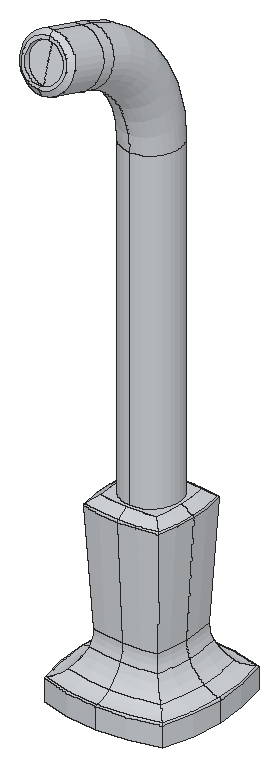
Revit family "Shower-Showerarm-KOHLER-Margaux-K-16280_1", category Plumbing Fixtures, host Face, Revit 2015
Parameters (values of type "CP-Polished Chrome")
  Width = 2 1/8"  # constant formula
  Waste Water Outlet = "Waste Water Outlet"  # constant formula
  Waste Connection = 1 = 0  # no
  Vent Connection = 1 = 0  # no
  URL = "https://www.us.kohler.com/us/"
  Type = 1
  Product Page URL = "http://www.us.kohler.com/us/catalog/productDetails.jsp?productNumber=16280"
  Product Name = "Margaux"  # constant formula
  Product Documentation Link = "http://www.us.kohler.com/onlinecatalog/pdf/K-16280_spec.pdf"
  Panel Thickness = 0"
  Model = if(Type = 1, "K-16280-CP", if(Type = 2, "K-16280-SN", if(Type = 3, "K-16280-AF", if(Type = 4, "K-16280-BN", if(Type = 5, "K-16280-BV", "NA")))))  # "K-16280-CP"
  Material = "Solid Brass Construction"  # constant formula
  MasterFormat 2004 = "22.41.23"  # constant formula
  MasterFormat 1995 = "15410"  # constant formula
  Manufacturer Address = "444 Highland Dr, Kohler, WI 53044"  # constant formula
  Manufacturer = "KOHLER Co."  # constant formula
  Length = 9 5/8"  # constant formula
  Tempered Water Inlet = "Tempered Water Inlet"  # constant formula
  Height = 3 1/8"  # constant formula
  HW Connection = 1 = 1  # yes
  Finish = Kohler-Metal-CP-Polished_Chrome
  Environmental Product Declaration = ""
  Drain Included = 1 = 0  # no
  Description = "Shower arm and flange"  # constant formula
  Default Elevation = 72"
  Declare Label = ""
  Date Modified = "12/03/2018"  # constant formula
  Date Created = "12/03/2018"  # constant formula
  Copyright = "Copyright KOHLER Co."  # constant formula
  Contact Us = "https://www.us.kohler.com/us/static/contact.jsp"
  Cold Water Inlet = "Cold Water Inlet"  # constant formula
  CW Connection = 1 = 0  # no
  Assembly Code = "D2010700"
  ADA Compliant = 1 = 0  # no
Types (6): name | Type | Model | Finish
  (no name) | 1 | "K-16280-CP" | Kohler-Metal-CP-Polished_Chrome
  CP-Polished Chrome | 1 | "K-16280-CP" | Kohler-Metal-CP-Polished_Chrome
  SN-Vibrant Polished Nickel | 2 | "K-16280-SN" | Kohler-Metal-SN-Vibrant_Polished_Nickel
  AF-Vibrant French Gold | 3 | "K-16280-AF" | Kohler-Metal-AF-Vibrant_French_Gold
  BN-Vibrant Brushed Nickel | 4 | "K-16280-BN" | Kohler-Metal-BN-Vibrant_Brushed_Nickel
  BV-Vibrant Brushed Bronze | 5 | "K-16280-BV" | Kohler-Metal-BV-Brushed_Bronze
Reference planes (in)
  plane 1 "Center (Front/Back)": y = 0
  plane 2: z = 0
  plane 3 "Center (Left/Right)": x = 0
  plane 4: x = -1.0625
  plane 5: x = 1.0625
  plane 6: z = 9.625
  plane 7: y = 1.0625
  plane 8: y = 1.0625
  plane 9: y = -2.0625
Dimensions and locks (in)
  "Width": plane 4 to plane 5
  "Length": plane 6 to level
  "Height": plane 8 to plane 9
  aligned and locked: host face to plane 2
  aligned and locked: host face to level
Automatic sketch dimensions
  host sketch curve to host sketch curve = 96"  (x2)
Nested families (in)
  nested 1: "K-16280" at (0, 0, 0), type "K-16280"
Connectors (in)
  piping at (0, 0, 0), diameter 0.5, driven by "HW Connection", driven by "Tempered Water Inlet"
    settings: on nested 1, index 1, connector inside diameter 24", connector length 0", flow factor 0, pipe flow 0 GPM, pressure drop 0.00 psi, fitting loss kfactor 0, connector angle 0.00°, fixture units 0, engagement length 0", angle of deflection 0.00°, flow configuration 0, flow direction 1, fitting loss method 0, system type 19, joint type 0, gender type 0, connector reference index -1, connector utility 1, adjustable connector no, is connector primary yes, connector description "Tempered Water Inlet"
Definition of nested family "K-16280"
  Parameters (values of type "K-16280")
    Material = none
  Reference planes (in)
    plane 1 "Center (Front/Back)": y = 0
    plane 2: z = 0
    plane 3 "Center (Left/Right)": x = 0
    plane 4: y = 1.0625
    plane 5: y = -1.0625
    plane 6: x = -1.0625
    plane 7: x = 1.0625
    plane 8: y = -2.0625
    plane 9: z = -1
    plane 10: z = 9.625
    plane 11: z = 2.8107441
  Forms (in)
    Sweep 1, solid, material <- "Material", detail levels medium+fine
      path origin (0, 0, 0) x (1, 0, 0) y (0, 1, 0)
        loop
          arc (-0.9154317, 0.9155947) -> (-1.0254988, 0.4636655) -> (-1.0625, 0) r 2.9236169
          arc (-1.0625, 0) -> (-1.0254988, -0.4636655) -> (-0.9154317, -0.9155947) r 2.9236169
          arc (-0.9154317, -0.9155947) -> (-0.4635721, -1.0255402) -> (0, -1.0625) r 2.9256814
          arc (0, -1.0625) -> (0.4635721, -1.0255402) -> (0.9154317, -0.9155947) r 2.9256814
          arc (0.9154317, -0.9155947) -> (1.0254988, -0.4636655) -> (1.0625, 0) r 2.9236169
          arc (1.0625, 0) -> (1.0254988, 0.4636655) -> (0.9154317, 0.9155947) r 2.9236169
          arc (0.9154317, 0.9155947) -> (0.4635721, 1.0255402) -> (0, 1.0625) r 2.9256814
          arc (0, 1.0625) -> (-0.4635721, 1.0255402) -> (-0.9154317, 0.9155947) r 2.9256814
      profile origin (0, 1.0625, 0) x (0, -1, 0) y (0, 0, 1)
        loop
          line (0, 0) -> (0.7243647, 0) -> (0.7243647, 2.8107441) -> (0.587503, 2.8107441) -> (0.4306794, 2.7030154)
          arc (0.4306794, 2.7030154) -> (0.4199629, 2.6905934) -> (0.4167405, 2.6745073) r 0.0322642
          line (0.4167405, 2.6745073) -> (0.5181511, 0.9681474)
          arc (0.5181511, 0.9681474) -> (0.5110256, 0.8431048) -> (0.4752726, 0.7230708) r 0.5397497
          arc (0.4752726, 0.7230708) -> (0.3846378, 0.5678435) -> (0.2590035, 0.4392891) r 0.7342473
          arc (0.2590035, 0.4392891) -> (0.1467303, 0.3715531) -> (0.0207208, 0.3352895) r 0.5006886
          arc (0.0207208, 0.3352895) -> (0.0058941, 0.3271054) -> (0, 0.3112288) r 0.0243299
          line (0, 0.3112288) -> (0, 0)
    Extrusion 2, solid, material <- "Material", detail levels medium+fine
      sketch origin (0, 0, 0) x (1, 0, 0) y (0, 1, 0)
        loop
          arc (-0.3153983, -0.3154235) -> (-0.1581075, -0.33245) -> (0, -0.3381353) r 2.2013168
          arc (0, -0.3381353) -> (0.1581075, -0.33245) -> (0.3153983, -0.3154235) r 2.2013168
          arc (0.3153983, -0.3154235) -> (0.3324437, -0.158121) -> (0.3381353, 0) r 2.1992523
          arc (0.3381353, 0) -> (0.3324437, 0.158121) -> (0.3153983, 0.3154235) r 2.1992523
          arc (0.3153983, 0.3154235) -> (0.1581075, 0.33245) -> (0, 0.3381353) r 2.2013168
          arc (0, 0.3381353) -> (-0.1581075, 0.33245) -> (-0.3153983, 0.3154235) r 2.2013168
          arc (-0.3153983, 0.3154235) -> (-0.3324437, 0.158121) -> (-0.3381353, 0) r 2.1992523
          arc (-0.3381353, 0) -> (-0.3324437, -0.158121) -> (-0.3153983, -0.3154235) r 2.1992523
      from 0 to 2.8107441
    Revolve 3, solid, material <- "Material", detail levels medium+fine
      sketch origin (0, 0, 0) x (0, 1, 0) y (0, 0, 1)
        loop
          line (-2.0625, 9.625) -> (-1.4583802, 9.440302) -> (-1.3362821, 9.8396669) -> (-1.8691813, 10.0025905) -> (-1.9621762, 9.9531443) -> (-2.0625, 9.625)
        axis (-1.4583802, 9.440302) -> (-2.0625, 9.625)
      angle from 0 to 360
    Sweep 4, solid, material <- "Material", detail levels medium+fine
      path origin (0, 0, 0) x (0, 1, 0) y (0, 0, 1)
        loop
          line (-1.4583802, 9.440302) -> (-1.2621411, 9.3803057)
          arc (-1.2621411, 9.3803057) -> (-0.3498451, 8.7355587) -> (0, 7.6746199) r 1.7836216
          line (0, 7.6746199) -> (0, 2.8107441)
      profile origin (0, -1.4583802, 9.440302) x (0, 0.292372, 0.956305) y (1, 0, 0)
        loop
          circle (0, 0) r 0.4176125
    Revolve 5, void
      sketch origin (0, 0, 0) x (0, 1, 0) y (0, 0, 1)
        loop
          line (-2.0625, 9.625) -> (-1.9912794, 9.6032257) -> (-1.9059651, 9.8822762) -> (-1.9771857, 9.9040506) -> (-2.0625, 9.625)
        axis (-1.9912794, 9.6032257) -> (-2.0625, 9.625)
      angle from 0 to 360
    Revolve 6, solid, material <- "Material", detail levels coarse
      sketch origin (0, 0, 0) x (0, 1, 0) y (0, 0, 1)
        loop
          line (0, 0) -> (0, 2.8107441) -> (-0.84375, 2.8107441) -> (-0.84375, 0.6147928) -> (-1.3294706, 0.6147928) -> (-1.3294706, 0) -> (0, 0)
        axis (0, 2.8107441) -> (0, 0)
      angle from 0 to 360
    Sweep 7, solid, material <- "Material", detail levels coarse
      path origin (0, 0, 0) x (0, 1, 0) y (0, 0, 1)
        loop
          line (0, 2.8107441) -> (0, 7.8046493)
          arc (0, 7.8046493) -> (-0.315378, 8.7610631) -> (-1.1377934, 9.3422888) r 1.607897
          line (-1.1377934, 9.3422888) -> (-2.0625, 9.625)
      profile origin (0, 0, 2.8107441) x (0, -1, 0) y (1, 0, 0)
        loop
          circle (0, 0) r 0.474997
    Extrusion 8, solid, material <- "Material", detail levels medium+fine
      sketch origin (0, 0, 0) x (1, 0, 0) y (0, 1, 0)
        loop
          circle (0, 0) r 0.25
      from 0 to 0.1277221
  Cuts and joins
    Revolve 5 cuts Revolve 3
    joined: Sweep 1, Extrusion 2, Revolve 3, Sweep 4
    joined: Revolve 6, Sweep 7
  Lines and regions (in)
    Masking region 1
      outline origin (0, 0, 0) x (1, 0, 0) y (0, 0, 1)
        loop
          line (1.0625, 0) -> (1.0625, 0.3108538)
          arc (1.0625, 0.3108538) -> (1.056077, 0.3278943) -> (1.0400042, 0.3364555) r 0.0258161
          arc (1.0400042, 0.3364555) -> (0.9185703, 0.370079) -> (0.8113093, 0.4361987) r 0.4478331
          arc (0.8113093, 0.4361987) -> (0.7049257, 0.5412141) -> (0.6179297, 0.6627764) r 0.8766844
          arc (0.6179297, 0.6627764) -> (0.5580517, 0.8097261) -> (0.5439141, 0.9677759) r 0.5349604
          line (0.5439141, 0.9677759) -> (0.645678, 2.6718356)
          arc (0.645678, 2.6718356) -> (0.6419966, 2.6902339) -> (0.6297414, 2.7044416) r 0.0368903
          line (0.6297414, 2.7044416) -> (0.474997, 2.8107441) -> (0.4176127, 2.8107441) -> (0.4176127, 9.625)
          arc (0.4176127, 9.625) -> (0.2815026, 9.8941969) -> (0, 10.0025905) r 0.4197337
          arc (0, 10.0025905) -> (-0.2815026, 9.8941969) -> (-0.4176127, 9.625) r 0.4197337
          line (-0.4176127, 9.625) -> (-0.4176127, 2.8107441) -> (-0.474997, 2.8107441) -> (-0.6297414, 2.7044416)
          arc (-0.6297414, 2.7044416) -> (-0.6419966, 2.6902339) -> (-0.645678, 2.6718356) r 0.0368903
          line (-0.645678, 2.6718356) -> (-0.5439141, 0.9677759)
          arc (-0.5439141, 0.9677759) -> (-0.5580517, 0.8097261) -> (-0.6179297, 0.6627764) r 0.5349604
          arc (-0.6179297, 0.6627764) -> (-0.7049257, 0.5412141) -> (-0.8113093, 0.4361987) r 0.8766844
          arc (-0.8113093, 0.4361987) -> (-0.9185703, 0.370079) -> (-1.0400042, 0.3364555) r 0.4478331
          arc (-1.0400042, 0.3364555) -> (-1.056077, 0.3278943) -> (-1.0625, 0.3108538) r 0.0258161
          line (-1.0625, 0.3108538) -> (-1.0625, 0) -> (1.0625, 0)
    Masking region 2
      outline origin (0, 0, 0) x (0, 1, 0) y (0, 0, 1)
        loop
          line (1.0625, 0) -> (1.0625, 0.3092753)
          arc (1.0625, 0.3092753) -> (1.0557137, 0.3272863) -> (1.0387293, 0.3363409) r 0.027294
          arc (1.0387293, 0.3363409) -> (0.9289374, 0.3651806) -> (0.829962, 0.4207674) r 0.4466352
          arc (0.829962, 0.4207674) -> (0.702204, 0.5400614) -> (0.6041384, 0.6847552) r 0.7819287
          arc (0.6041384, 0.6847552) -> (0.5550624, 0.8200895) -> (0.544077, 0.9636274) r 0.5318709
          line (0.544077, 0.9636274) -> (0.6456657, 2.6729092)
          arc (0.6456657, 2.6729092) -> (0.6421308, 2.6905416) -> (0.6303773, 2.7041524) r 0.0353451
          line (0.6303773, 2.7041524) -> (0.474997, 2.8107441) -> (0.4176123, 2.8107441) -> (0.4176123, 7.6863342)
          arc (0.4176123, 7.6863342) -> (0.0132154, 8.953557) -> (-1.0504687, 9.752285) r 2.1876907
          line (-1.0504687, 9.752285) -> (-1.8691813, 10.0025905) -> (-1.9621762, 9.9531443) -> (-2.1628238, 9.2968557) -> (-2.1133775, 9.2038608) -> (-1.316988, 8.9603801)
          arc (-1.316988, 8.9603801) -> (-0.6652117, 8.4681962) -> (-0.4176123, 7.6898954) r 1.3470499
          line (-0.4176123, 7.6898954) -> (-0.4176123, 2.8107441) -> (-0.474997, 2.8107441) -> (-0.6303773, 2.7041524)
          arc (-0.6303773, 2.7041524) -> (-0.6421308, 2.6905416) -> (-0.6456657, 2.6729092) r 0.0353451
          line (-0.6456657, 2.6729092) -> (-0.544077, 0.9636274)
          arc (-0.544077, 0.9636274) -> (-0.5550624, 0.8200895) -> (-0.6041384, 0.6847552) r 0.5318709
          arc (-0.6041384, 0.6847552) -> (-0.702204, 0.5400614) -> (-0.829962, 0.4207674) r 0.7819287
          arc (-0.829962, 0.4207674) -> (-0.9289374, 0.3651806) -> (-1.0387293, 0.3363409) r 0.4466352
          arc (-1.0387293, 0.3363409) -> (-1.0557137, 0.3272863) -> (-1.0625, 0.3092753) r 0.027294
          line (-1.0625, 0.3092753) -> (-1.0625, 0) -> (1.0625, 0)
    Masking region 3
      outline origin (0, 0, 0) x (1, 0, 0) y (0, 1, 0)
        loop
          arc (0.9154166, 0.9156405) -> (0.463561, 1.0255519) -> (0, 1.0625) r 2.9264549
          arc (0, 1.0625) -> (-0.463561, 1.0255519) -> (-0.9154166, 0.9156405) r 2.9264549
          arc (-0.9154166, 0.9156405) -> (-1.025495, 0.4636893) -> (-1.0625, 0) r 2.9236169
          arc (-1.0625, 0) -> (-1.025495, -0.4636893) -> (-0.9154166, -0.9156405) r 2.9236169
          arc (-0.9154166, -0.9156405) -> (-0.6690729, -0.9849887) -> (-0.4176125, -1.0325496) r 2.9264549
          line (-0.4176125, -1.0325496) -> (-0.4176125, -1.9911955)
          arc (-0.4176125, -1.9911955) -> (-0.4139229, -2.0084238) -> (-0.4035014, -2.0226301) r 0.042068
          arc (-0.4035014, -2.0226301) -> (-0.3609636, -2.0608757) -> (-0.3188416, -2.0995788) r 5.2919336
          spline (-0.3188416, -2.0995788) -> (-0.3046901, -2.1086424) -> (-0.2875334, -2.1172509) -> (-0.2675409, -2.1253194) -> (-0.2449098, -2.1327683) -> (-0.2198631, -2.1395241) -> (-0.192648, -2.1455203) -> (-0.1635328, -2.1506977) -> (-0.1328048, -2.1550052) -> (-0.1007669, -2.1584004) -> (-0.0677352, -2.1608497) -> (-0.0340354, -2.162329) -> (0, -2.1628238)
          spline (0, -2.1628238) -> (0.0340354, -2.162329) -> (0.0677352, -2.1608497) -> (0.1007669, -2.1584004) -> (0.1328048, -2.1550052) -> (0.1635328, -2.1506977) -> (0.192648, -2.1455203) -> (0.2198631, -2.1395241) -> (0.2449098, -2.1327683) -> (0.2675409, -2.1253194) -> (0.2875334, -2.1172509) -> (0.3046901, -2.1086424) -> (0.3188416, -2.0995788)
          arc (0.3188416, -2.0995788) -> (0.3609636, -2.0608757) -> (0.4035014, -2.0226301) r 5.2919336
          arc (0.4035014, -2.0226301) -> (0.4139229, -2.0084238) -> (0.4176125, -1.9911955) r 0.042068
          line (0.4176125, -1.9911955) -> (0.4176125, -1.0325496)
          arc (0.4176125, -1.0325496) -> (0.6690729, -0.9849887) -> (0.9154166, -0.9156405) r 2.9264549
          arc (0.9154166, -0.9156405) -> (1.025495, -0.4636893) -> (1.0625, 0) r 2.9236169
          arc (1.0625, 0) -> (1.025495, 0.4636893) -> (0.9154166, 0.9156405) r 2.9236169
    symbolic lines, detail levels medium+fine
      curve 1: line (1.0400042, 0, 0.3364555) -> (-1.0400042, 0, 0.3364555)
      curve 2: line (0.4342695, 0, 2.8107441) -> (-0.4176127, 0, 2.8107441)
      curve 3: line (0.645678, 0, 2.6718356) -> (-0.645678, 0, 2.6718356)
      curve 4: spline (0.7077541, 0, 0.4392891) -> (0.7218906, 0, 0.4262479) -> (0.7363389, 0, 0.4139689) -> (0.7510778, 0, 0.40247) -> (0.7660859, 0, 0.391768) -> (0.7813413, 0, 0.3818784) -> (0.7968219, 0, 0.3728156) -> (0.812505, 0, 0.3645929) -> (0.8283678, 0, 0.3572222) -> (0.8443873, 0, 0.3507143) -> (0.8605401, 0, 0.3450786) -> (0.8768026, 0, 0.3403234) -> (0.8931512, 0, 0.3364555)
      curve 5: spline (0.529312, 0, 0.7230708) -> (0.5405377, 0, 0.6950692) -> (0.5525009, 0, 0.6677169) -> (0.5651817, 0, 0.6410595) -> (0.578559, 0, 0.6151412) -> (0.5926104, 0, 0.5900052) -> (0.6073128, 0, 0.5656933) -> (0.6226415, 0, 0.5422459) -> (0.6385711, 0, 0.5197022) -> (0.655075, 0, 0.4980995) -> (0.6721259, 0, 0.4774738) -> (0.6896954, 0, 0.4578595) -> (0.7077541, 0, 0.4392891)
      curve 6: spline (0.4932273, 0, 0.9681474) -> (0.492671, 0, 0.947049) -> (0.4927734, 0, 0.9259297) -> (0.4935342, 0, 0.904833) -> (0.494952, 0, 0.8838025) -> (0.4970238, 0, 0.8628814) -> (0.4997452, 0, 0.8421129) -> (0.5031108, 0, 0.8215399) -> (0.5071136, 0, 0.8012046) -> (0.5117453, 0, 0.7811491) -> (0.5169963, 0, 0.7614146) -> (0.5228559, 0, 0.7420419) -> (0.529312, 0, 0.7230708)
      curve 7: line (0.5781996, 0, 2.6752968) -> (0.4932273, 0, 0.9681474)
      curve 8: spline (0.4342695, 0, 2.8107441) -> (0.4453887, 0, 2.8017917) -> (0.4565038, 0, 2.7928241) -> (0.4676148, 0, 2.7838411) -> (0.4787216, 0, 2.7748429) -> (0.4898243, 0, 2.7658294) -> (0.5009228, 0, 2.7568007) -> (0.5120171, 0, 2.7477567) -> (0.5231073, 0, 2.7386975) -> (0.5341933, 0, 2.729623) -> (0.5452751, 0, 2.7205334) -> (0.5563526, 0, 2.7114285) -> (0.567426, 0, 2.7023084)
      curve 9: spline (0.5674253, 0, 2.7023069) -> (0.569045, 0, 2.7008334) -> (0.570565, 0, 2.6991672) -> (0.5719736, 0, 2.697321) -> (0.57326, 0, 2.6953089) -> (0.5744144, 0, 2.6931463) -> (0.575428, 0, 2.6908498) -> (0.576293, 0, 2.6884369) -> (0.5770027, 0, 2.6859262) -> (0.5775519, 0, 2.6833368) -> (0.5779361, 0, 2.6806885) -> (0.5781526, 0, 2.6780017) -> (0.5781996, 0, 2.6752968)
      curve 10: spline (-0.7077541, 0, 0.4392891) -> (-0.7218906, 0, 0.4262479) -> (-0.7363389, 0, 0.4139689) -> (-0.7510778, 0, 0.40247) -> (-0.7660859, 0, 0.391768) -> (-0.7813413, 0, 0.3818784) -> (-0.7968219, 0, 0.3728156) -> (-0.812505, 0, 0.3645929) -> (-0.8283678, 0, 0.3572222) -> (-0.8443873, 0, 0.3507143) -> (-0.8605401, 0, 0.3450786) -> (-0.8768026, 0, 0.3403234) -> (-0.8931512, 0, 0.3364555)
      curve 11: spline (-0.529312, 0, 0.7230708) -> (-0.5405377, 0, 0.6950692) -> (-0.5525009, 0, 0.6677169) -> (-0.5651817, 0, 0.6410595) -> (-0.578559, 0, 0.6151412) -> (-0.5926104, 0, 0.5900052) -> (-0.6073128, 0, 0.5656933) -> (-0.6226415, 0, 0.5422459) -> (-0.6385711, 0, 0.5197022) -> (-0.655075, 0, 0.4980995) -> (-0.6721259, 0, 0.4774738) -> (-0.6896954, 0, 0.4578595) -> (-0.7077541, 0, 0.4392891)
      curve 12: spline (-0.4932273, 0, 0.9681474) -> (-0.492671, 0, 0.947049) -> (-0.4927734, 0, 0.9259297) -> (-0.4935342, 0, 0.904833) -> (-0.494952, 0, 0.8838025) -> (-0.4970238, 0, 0.8628814) -> (-0.4997452, 0, 0.8421129) -> (-0.5031108, 0, 0.8215399) -> (-0.5071136, 0, 0.8012046) -> (-0.5117453, 0, 0.7811491) -> (-0.5169963, 0, 0.7614146) -> (-0.5228559, 0, 0.7420419) -> (-0.529312, 0, 0.7230708)
      curve 13: line (-0.5780273, 0, 2.6718356) -> (-0.4932273, 0, 0.9681474)
      curve 14: spline (-0.4342695, 0, 2.8107441) -> (-0.4453887, 0, 2.8017917) -> (-0.4565038, 0, 2.7928241) -> (-0.4676148, 0, 2.7838411) -> (-0.4787216, 0, 2.7748429) -> (-0.4898243, 0, 2.7658294) -> (-0.5009228, 0, 2.7568007) -> (-0.5120171, 0, 2.7477567) -> (-0.5231073, 0, 2.7386975) -> (-0.5341933, 0, 2.729623) -> (-0.5452751, 0, 2.7205334) -> (-0.5563526, 0, 2.7114285) -> (-0.567426, 0, 2.7023084)
      curve 15: spline (-0.5674253, 0, 2.7023069) -> (-0.5692124, 0, 2.7006644) -> (-0.5708757, 0, 2.6987873) -> (-0.5723997, 0, 2.6966934) -> (-0.5737701, 0, 2.6944021) -> (-0.5749739, 0, 2.691935) -> (-0.5760001, 0, 2.6893152) -> (-0.5768388, 0, 2.6865673) -> (-0.5774822, 0, 2.683717) -> (-0.5779244, 0, 2.680791) -> (-0.5781612, 0, 2.6778169) -> (-0.5781903, 0, 2.6748224) -> (-0.5780115, 0, 2.6718356)
      curve 16: spline (0.8990065, 0, 0.3352393) -> (0.9011205, 0, 0.3348216) -> (0.90318, 0, 0.3340649) -> (0.9051569, 0, 0.3329797) -> (0.9070243, 0, 0.3315806) -> (0.9087568, 0, 0.3298867) -> (0.9103308, 0, 0.327921) -> (0.9117249, 0, 0.3257104) -> (0.9129201, 0, 0.3232849) -> (0.9139001, 0, 0.3206775) -> (0.9146517, 0, 0.3179237) -> (0.9151646, 0, 0.315061) -> (0.9154317, 0, 0.3121284)
      curve 17: line (0.9154317, 0, 0.3121284) -> (0.9154317, 0, 0)
      curve 18: spline (-0.8990082, 0, 0.3352393) -> (-0.9010648, 0, 0.3348154) -> (-0.903078, 0, 0.3340454) -> (-0.9050198, 0, 0.33294) -> (-0.9068632, 0, 0.3315148) -> (-0.9085825, 0, 0.3297894) -> (-0.9101539, 0, 0.3277879) -> (-0.9115555, 0, 0.325538) -> (-0.9127679, 0, 0.3230711) -> (-0.9137741, 0, 0.3204214) -> (-0.9145602, 0, 0.3176257) -> (-0.9151153, 0, 0.314723) -> (-0.9154317, 0, 0.3117535)
      curve 19: line (-0.9154317, 0, 0.3117535) -> (-0.9154317, 0, 0)
      curve 20: line (0, 1.0387293, 0.3363409) -> (0, -1.0387293, 0.3363409)
      curve 21: line (0, 0.6456657, 2.6729092) -> (0, -0.6456657, 2.6729092)
      curve 22: line (0, 0.4343146, 2.8107441) -> (0, -0.4176125, 2.8107441)
      curve 23: line (0, -1.8691813, 10.0025905) -> (0, -2.1133775, 9.2038608)
      curve 24: spline (0, 0.4343146, 2.8107441) -> (0, 0.445436, 2.8017917) -> (0, 0.4565532, 2.792824) -> (0, 0.4676663, 2.7838411) -> (0, 0.4787754, 2.7748428) -> (0, 0.4898803, 2.7658293) -> (0, 0.500981, 2.7568006) -> (0, 0.5120777, 2.7477566) -> (0, 0.5231702, 2.7386974) -> (0, 0.5342585, 2.729623) -> (0, 0.5453427, 2.7205333) -> (0, 0.5564226, 2.7114285) -> (0, 0.5674984, 2.7023084)
      curve 25: spline (0, 0.5674978, 2.7023069) -> (0, 0.5691178, 2.7008335) -> (0, 0.5706381, 2.6991672) -> (0, 0.572047, 2.697321) -> (0, 0.5733338, 2.6953089) -> (0, 0.5744885, 2.6931463) -> (0, 0.5755023, 2.6908498) -> (0, 0.5763674, 2.6884369) -> (0, 0.5770774, 2.6859262) -> (0, 0.5776266, 2.6833368) -> (0, 0.5780109, 2.6806885) -> (0, 0.5782275, 2.6780016) -> (0, 0.5782745, 2.6752968)
      curve 26: line (0, 0.5782745, 2.6752968) -> (0, 0.493284, 0.9681474)
      curve 27: spline (0, 0.493284, 0.9681474) -> (0, 0.4927274, 0.947049) -> (0, 0.4928298, 0.9259297) -> (0, 0.4935907, 0.904833) -> (0, 0.4950087, 0.8838025) -> (0, 0.4970809, 0.8628814) -> (0, 0.4998029, 0.8421129) -> (0, 0.5031692, 0.8215399) -> (0, 0.5071729, 0.8012046) -> (0, 0.5118055, 0.7811491) -> (0, 0.5170578, 0.7614146) -> (0, 0.5229187, 0.7420419) -> (0, 0.5293762, 0.7230708)
      curve 28: spline (0, 0.5293762, 0.7230708) -> (0, 0.540604, 0.6950692) -> (0, 0.5525695, 0.6677169) -> (0, 0.5652529, 0.6410594) -> (0, 0.578633, 0.6151411) -> (0, 0.5926877, 0.5900051) -> (0, 0.6073934, 0.5656932) -> (0, 0.6227258, 0.5422459) -> (0, 0.6386593, 0.5197021) -> (0, 0.6551674, 0.4980994) -> (0, 0.6722226, 0.4774738) -> (0, 0.6897966, 0.4578594) -> (0, 0.7078602, 0.4392891)
      curve 29: spline (0, 0.7078602, 0.4392891) -> (0, 0.7224926, 0.4258124) -> (0, 0.737458, 0.413152) -> (0, 0.752733, 0.4013276) -> (0, 0.7682937, 0.3903576) -> (0, 0.7841161, 0.3802592) -> (0, 0.8001753, 0.371048) -> (0, 0.8164463, 0.3627385) -> (0, 0.8329039, 0.3553435) -> (0, 0.8495223, 0.3488746) -> (0, 0.8662756, 0.3433419) -> (0, 0.8831377, 0.3387541) -> (0, 0.9000824, 0.3351181)
      curve 30: spline (0, 0.9000806, 0.3351014) -> (0, 0.902101, 0.3345628) -> (0, 0.9040603, 0.3337124) -> (0, 0.9059336, 0.3325611) -> (0, 0.9076974, 0.3311233) -> (0, 0.9093292, 0.3294172) -> (0, 0.9108085, 0.3274645) -> (0, 0.9121165, 0.3252899) -> (0, 0.9132366, 0.3229208) -> (0, 0.9141548, 0.3203872) -> (0, 0.9148593, 0.3177212) -> (0, 0.9153413, 0.3149566) -> (0, 0.9155947, 0.3121282)
      curve 31: line (0, 0.9155947, 0.3121282) -> (0, 0.9155947, 0)
      curve 32: spline (0, -0.4343146, 2.8107441) -> (0, -0.445436, 2.8017917) -> (0, -0.4565532, 2.792824) -> (0, -0.4676663, 2.7838411) -> (0, -0.4787754, 2.7748428) -> (0, -0.4898803, 2.7658293) -> (0, -0.500981, 2.7568006) -> (0, -0.5120777, 2.7477566) -> (0, -0.5231702, 2.7386974) -> (0, -0.5342585, 2.729623) -> (0, -0.5453427, 2.7205333) -> (0, -0.5564226, 2.7114285) -> (0, -0.5674984, 2.7023084)
      curve 33: spline (0, -0.5674978, 2.7023069) -> (0, -0.5691178, 2.7008335) -> (0, -0.5706381, 2.6991672) -> (0, -0.572047, 2.697321) -> (0, -0.5733338, 2.6953089) -> (0, -0.5744885, 2.6931463) -> (0, -0.5755023, 2.6908498) -> (0, -0.5763674, 2.6884369) -> (0, -0.5770774, 2.6859262) -> (0, -0.5776266, 2.6833368) -> (0, -0.5780109, 2.6806885) -> (0, -0.5782275, 2.6780016) -> (0, -0.5782745, 2.6752968)
      curve 34: line (0, -0.5782745, 2.6752968) -> (0, -0.493284, 0.9681474)
      curve 35: spline (0, -0.493284, 0.9681474) -> (0, -0.4927274, 0.947049) -> (0, -0.4928298, 0.9259297) -> (0, -0.4935907, 0.904833) -> (0, -0.4950087, 0.8838025) -> (0, -0.4970809, 0.8628814) -> (0, -0.4998029, 0.8421129) -> (0, -0.5031692, 0.8215399) -> (0, -0.5071729, 0.8012046) -> (0, -0.5118055, 0.7811491) -> (0, -0.5170578, 0.7614146) -> (0, -0.5229187, 0.7420419) -> (0, -0.5293762, 0.7230708)
      curve 36: spline (0, -0.5293762, 0.7230708) -> (0, -0.540604, 0.6950692) -> (0, -0.5525695, 0.6677169) -> (0, -0.5652529, 0.6410594) -> (0, -0.578633, 0.6151411) -> (0, -0.5926877, 0.5900051) -> (0, -0.6073934, 0.5656932) -> (0, -0.6227258, 0.5422459) -> (0, -0.6386593, 0.5197021) -> (0, -0.6551674, 0.4980994) -> (0, -0.6722226, 0.4774738) -> (0, -0.6897966, 0.4578594) -> (0, -0.7078602, 0.4392891)
      curve 37: spline (0, -0.7078602, 0.4392891) -> (0, -0.7220403, 0.4262124) -> (0, -0.736534, 0.4139022) -> (0, -0.75132, 0.4023766) -> (0, -0.7663766, 0.3916525) -> (0, -0.7816819, 0.3817455) -> (0, -0.7972133, 0.3726703) -> (0, -0.8129482, 0.36444) -> (0, -0.8288635, 0.3570667) -> (0, -0.8449359, 0.3505613) -> (0, -0.8611418, 0.3449332) -> (0, -0.8774575, 0.3401908) -> (0, -0.8938591, 0.3363409)
      curve 38: spline (0, -0.9000806, 0.3351014) -> (0, -0.902101, 0.3345628) -> (0, -0.9040603, 0.3337124) -> (0, -0.9059336, 0.3325611) -> (0, -0.9076974, 0.3311233) -> (0, -0.9093292, 0.3294172) -> (0, -0.9108085, 0.3274645) -> (0, -0.9121165, 0.3252899) -> (0, -0.9132366, 0.3229208) -> (0, -0.9141548, 0.3203872) -> (0, -0.9148593, 0.3177212) -> (0, -0.9153413, 0.3149566) -> (0, -0.9155947, 0.3121282)
      curve 39: line (0, -0.9155947, 0.3121282) -> (0, -0.9155947, 0)
      curve 40: arc (-0.5781936, 0.5782271, 0) -> (-0.0000005, 0.6472695, 0) -> (0.5781936, 0.5782352, 0) r 2.4556931
      curve 41: arc (0.5781936, 0.5782352, 0) -> (0.6462685, -0.0000167, 0) -> (0.5781936, -0.5782685, 0) r 2.4899754
      curve 42: arc (0.5781936, -0.5782685, 0) -> (0, -0.6449146, 0) -> (-0.5781936, -0.5782685, 0) r 2.5414075
      curve 43: arc (-0.5781936, -0.5782685, 0) -> (-0.6474838, -0.0000207, 0) -> (-0.5781936, 0.5782271, 0) r 2.4474723
      curve 44: arc (0, 0.474997, 0) -> (-0.2180855, 0.4648042, 0) -> (-0.4342695, 0.4343146, 0) r 2.3381784
      curve 45: arc (0, 0.474997, 0) -> (0.2180855, 0.4648042, 0) -> (0.4342695, 0.4343146, 0) r 2.3381784
      curve 46: arc (0.4342695, 0.4343146, 0) -> (0.4647928, 0.21811, 0) -> (0.474997, 0, 0) r 2.3361139
      curve 47: arc (0.474997, 0, 0) -> (0.4647928, -0.21811, 0) -> (0.4342695, -0.4343146, 0) r 2.3361139
      curve 48: arc (0.4342695, -0.4343146, 0) -> (0.4259438, -0.4358727, 0) -> (0.4176125, -0.4374007, 0) r 2.3381784
      curve 49: arc (-0.4176125, -0.4374007, 0) -> (-0.4259438, -0.4358727, 0) -> (-0.4342695, -0.4343146, 0) r 2.3381784
      curve 50: arc (-0.474997, 0, 0) -> (-0.4647928, -0.21811, 0) -> (-0.4342695, -0.4343146, 0) r 2.3361139
      curve 51: arc (-0.4342695, 0.4343146, 0) -> (-0.4647928, 0.21811, 0) -> (-0.474997, 0, 0) r 2.3361139
      curve 52: arc (0, 0.4176125, 0) -> (-0.2952967, 0.2952967, 0) -> (-0.4176125, 0, 0) r 0.4176125
      curve 53: arc (0.4176125, 0, 0) -> (0.2952967, 0.2952967, 0) -> (0, 0.4176125, 0) r 0.4176125
      curve 54: line (-0.4176125, -1.0325496, 0) -> (-0.4176125, 0, 0)
      curve 55: line (0.4176125, -1.0325496, 0) -> (0.4176125, 0, 0)
      curve 56: arc (-0.4176125, -1.0325496, 0) -> (0, -1.0625, 0) -> (0.4176125, -1.0325496, 0) r 2.9264549
      curve 57: line (-0.9154317, 0.9155947, 0) -> (-0.4342508, 0.4344137, 0)
      curve 58: line (0.9154317, 0.9155947, 0) -> (0.4342508, 0.4344137, 0)
      curve 59: line (-0.4342695, -0.4343146, 0) -> (-0.9155442, -0.9155893, 0)
      curve 60: line (0.4342695, -0.4343146, 0) -> (0.9154988, -0.9155439, 0)
      curve 61: spline (-0.4176125, -1.9912794, 0) -> (-0.4140398, -1.9753424, 0) -> (-0.4033827, -1.9596781, 0) -> (-0.3858237, -1.9445545, 0) -> (-0.3616631, -1.9302304, 0) -> (-0.3313143, -1.9169508, 0) -> (-0.2952967, -1.904943, 0) -> (-0.2542264, -1.8944125, 0) -> (-0.2088063, -1.8855394, 0) -> (-0.1598134, -1.8784755, 0) -> (-0.1080861, -1.8733417, 0) -> (-0.0545094, -1.8702259, 0) -> (0, -1.8691813, 0)
      curve 62: spline (0, -1.8691813, 0) -> (0.0545053, -1.8702257, 0) -> (0.1080781, -1.8733411, 0) -> (0.1598019, -1.8784741, 0) -> (0.2087919, -1.885537, 0) -> (0.25421, -1.8944088, 0) -> (0.2952791, -1.9049379, 0) -> (0.3312966, -1.9169441, 0) -> (0.3616465, -1.930222, 0) -> (0.3858094, -1.9445444, 0) -> (0.403372, -1.9596664, 0) -> (0.4140338, -1.9753292, 0) -> (0.4176125, -1.9912649, 0)
      curve 63: spline (0, -1.9621762, 0) -> (-0.0335984, -1.9626583, 0) -> (-0.0668739, -1.9640999, 0) -> (-0.0995067, -1.9664872, 0) -> (-0.1311832, -1.9697972, 0) -> (-0.161599, -1.9739981, 0) -> (-0.1904617, -1.9790496, 0) -> (-0.2174941, -1.9849031, 0) -> (-0.2424361, -1.9915023, 0) -> (-0.2650483, -1.9987838, 0) -> (-0.2851132, -2.0066777, 0) -> (-0.302438, -2.015108, 0) -> (-0.3168563, -2.0239939, 0)
      curve 64: spline (0, -2.1478143, 0) -> (-0.0755236, -2.1449073, 0) -> (-0.1459004, -2.1363844, 0) -> (-0.2063344, -2.1228263, 0) -> (-0.252707, -2.1051572, 0) -> (-0.281858, -2.084581, 0) -> (-0.2918009, -2.0625, 0) -> (-0.281858, -2.040419, 0) -> (-0.252707, -2.0198428, 0) -> (-0.2063344, -2.0021737, 0) -> (-0.1459004, -1.9886156, 0) -> (-0.0755236, -1.9800927, 0) -> (0, -1.9771857, 0)
      curve 65: spline (0, -1.9771857, 0) -> (0.0755236, -1.9800927, 0) -> (0.1459004, -1.9886156, 0) -> (0.2063344, -2.0021737, 0) -> (0.252707, -2.0198428, 0) -> (0.281858, -2.040419, 0) -> (0.2918009, -2.0625, 0) -> (0.281858, -2.084581, 0) -> (0.252707, -2.1051572, 0) -> (0.2063344, -2.1228263, 0) -> (0.1459004, -2.1363844, 0) -> (0.0755236, -2.1449073, 0) -> (0, -2.1478143, 0)
      curve 66: arc (-0.3168563, -2.0239939, 0) -> (-0.3368454, -2.0612874, 0) -> (-0.3188416, -2.0995788, 0) r 0.0471077
      curve 67: spline (0, -1.9621762, 0) -> (0.0335984, -1.9626583, 0) -> (0.0668739, -1.9640999, 0) -> (0.0995067, -1.9664872, 0) -> (0.1311832, -1.9697972, 0) -> (0.161599, -1.9739981, 0) -> (0.1904617, -1.9790496, 0) -> (0.2174941, -1.9849031, 0) -> (0.2424361, -1.9915023, 0) -> (0.2650483, -1.9987838, 0) -> (0.2851132, -2.0066777, 0) -> (0.302438, -2.015108, 0) -> (0.3168563, -2.0239939, 0)
      curve 68: arc (0.3168563, -2.0239939, 0) -> (0.3368454, -2.0612874, 0) -> (0.3188416, -2.0995788, 0) r 0.0471077
  Dimensions and locks (in)
    locked: plane 4 to plane 5 at 2.125
    locked: plane 6 to plane 7 at 2.125
    locked: plane 4 to plane 8 at 3.125
    locked: plane 9 to plane 10 at 10.625
    locked: plane 10 to level at 9.625
    locked: plane 11 to plane 2 at 2.8107441
    aligned and locked: plane 2 to level
